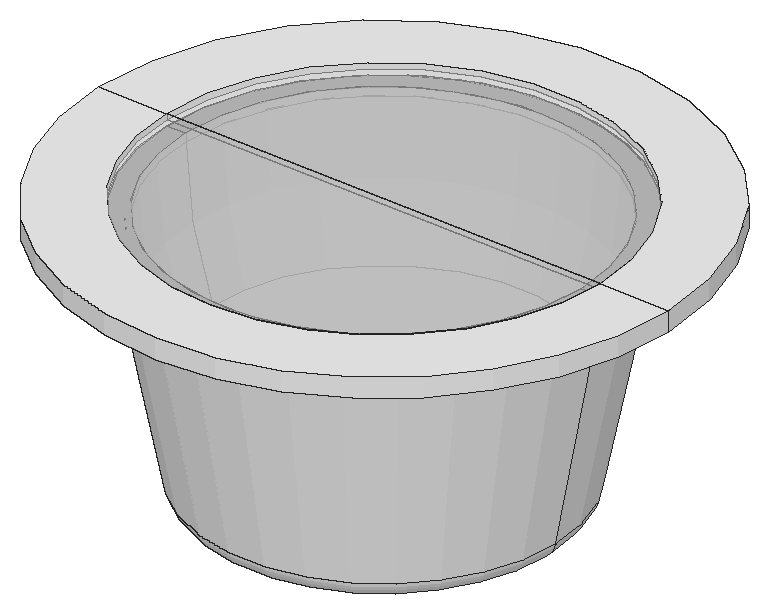
Revit family "2060573+2039013 Sylvania Lighting Fixture ASCENT 100 II ARCH 3600 3K DALI EMG 160 with IP54 PC Cover", category Lighting Fixtures, host Face, Revit 2016
Family settings
  Host = Face
  Part Type = Normal
  Round Connector Dimension = Use Diameter
  OmniClass Number = 23.80.70.11.17
  OmniClass Title = Specialized Lighting by Location or Use
  Cut with Voids When Loaded = No
  Light Source = Yes
  Shared = No
  Room Calculation Point = No
Parameters (values of type "2060573+2039013 ASCT100 II ARCH 3600 3K DALI EMG 160 with IP54 PC Cover")
  WidthBezelAcc_SYL = 25.0 mm
  Weight = "1.92 kg"
  Wattage = 32 W
  WarrantyStartDate [instance] = "n/a"
  WarrantyGuarantorParts = "n/a"
  WarrantyDurationUnit = "n/a"
  WarrantyDurationParts = "n/a"
  WarrantyDescription = "n/a"
  built-in parameter 1150110 = 1 (stored number, unit not read)
  Voltage = 0 V
  VisibilityAccessory_SYL = yes
  TypeName = "ASCENT 100 II ARCH 3600 3K DALI EMG 160 with IP54 PC Cover"
  built-in parameter 1114217 = 1 (stored number, unit not read)
  Tilt Angle = -90°
  built-in parameter 1150109 = 1 (stored number, unit not read)
  built-in parameter 1150134 = (empty or 0)
  built-in parameter 1150113 = 1 (stored number, unit not read)
  SerialNumber [instance] = "n/a"
  ReflectorRadius_SYL = Radius_SYL - 14.5 mm  # 80.0 mm
  RadiusAcc_SYL = 105.0 mm
  Radius_SYL = 94.5 mm
  URL = "http://www.sylvania-lighting.com"
  PowerFactor = 0
  PowerConsumption = "32 W"
  Photometric Web File = "2060573.ies"
  NominalWidth = 0.0 mm
  NominalLength = 0.0 mm
  NominalHeight = 94.0 mm
  Name = "ASCENT 100 II ARCH 3600 3K DALI EMG 160 with IP54 PC Cover"
  ModelReference = "ASCENT 100 II ARCH 3600 3K DALI EMG 160 with IP54 PC Cover"
  ModelNumber = "2060573+2039013"
  Material_4_SYL = none
  Material_3_SYL = Polycarbonate_Sylvania_Ascent_Clear
  Material_2_SYL = Aluminium_Sylvania_Ascent_Silver
  Material_1_SYL = Aluminum_Sylvania_Ascent_White
  Material = "aluminium housing, arcylic diffuser"
  ManufacturerName = "Feilo Sylvania"
  LuminousEfficacy = "111 lm/W"
  built-in parameter 1150105 = 282.66 (stored number, unit not read)
  Lumens = 3552 lm
  LuminaireType = ""
  built-in parameter 1150115 = 1 (stored number, unit not read)
  LightOutputRatio = "100"
  built-in parameter 1150137 = (empty or 0)
  built-in parameter 1150139 = (empty or 0)
  LampsType = Lamp  # "LED"
  LampNominalLuminous = "3548 lm"
  LampMacAdamStep = "3"
  LampColourTemperature = "3000 K"
  LampColourRenderingIndex = "80"
  built-in parameter 1150112 = 1 (stored number, unit not read)
  built-in parameter 1150114 = 1 (stored number, unit not read)
  Keynote = "16500"
  InstallationDate [instance] = "n/a"
  InputVoltage = "n/a"
  InputNominalFrequency = "n/a"
  built-in parameter 1150132 = (empty or 0)
  built-in parameter 1150102 = (empty or 0)
  built-in parameter 1150107 = 3000 (stored number, unit not read)
  built-in parameter 1150138 = (empty or 0)
  IngressProtection = "IP54"
  ImpactProtectionIndex = "IK02"
  built-in parameter 1150106 = 2.8266 (stored number, unit not read)
  IfcExportType = "IfcLightFixtureType"
  IfcExportAs = "IfcLightFixtureType"
  Height_SYL = 94.0 mm
  HeightAcc_SYL = 7.0 mm
  ExpectedLife = 50000
  EmittionSurface_SYL = if(VisibilityAccessory_SYL, 7.0 mm, 3.0 mm)  # 7.0 mm
  Emit from Circle Diameter = DiffuserRadius_SYL * 2  # 146.0 mm
  Emit Shape Visible in Rendering = no
  ElectricShockClassification = "Class II"
  built-in parameter 1150104 = 10.312 (stored number, unit not read)
  DurationUnit = "hours"
  DocumentationLiterature = "http://www.sylvania-lighting.com/product/en-int/products/2060573"
  DimmingControlOptions = "n/a"
  Dimming Lamp Color Temperature Shift = <None>
  DiffuserRadius_SYL = ReflectorRadius_SYL - 7.0 mm  # 73.0 mm
  Diameter_SYL = 2 * Radius_SYL  # 189.0 mm
  CutoutDiameter_SYL = Diameter_SYL - 13.0 mm  # 176.0 mm
  CreatedOn = "9/17/2018"
  CreatedBy = "@sylvania-lighting.com"
  Color Filter = 16777215
  built-in parameter 1114216 [instance] = 1 (stored number, unit not read)
  Model = "ASCENT 100 II ARCH 3600 3K DALI EMG 160 with IP54 PC Cover"
  Manufacturer = "Feilo Sylvania"
  Lamp = "LED"
  Description = "Direct LED retro fit for original LED 100 Arch (160) single CFL lamp offering Matching lumen levels and improved light distribution of original LED 100 CFL lamp equivalents Typically half the power consumption compared to CFL Up to 112lm/W 160mm aperture Architectural reflector accepts range of glass accessories from existing LED 100 Arch 160 offering HE, HO and VHO versions equivalent of single 1 x 18W, 1 x 32W, 1 x 42W\r\n Additional VVHO versions which offer the performance circa 2 x 32W equivalent"  # constant formula
  Default Elevation = 0.0 mm
  built-in parameter 1140040 [instance] = 1
  BarCode [instance] = "n/a"
  built-in parameter 1114218 = 1 (stored number, unit not read)
  built-in parameter 1150133 = 10 (stored number, unit not read)
  AssetType = "Fixed"
  AssetIdentifier [instance] = "n/a"
  Assembly Code = "D5020200"
  Apparent Load = 32 VA
  Aperture_SYL = 2 * ReflectorRadius_SYL  # 160.0 mm
Types (2, lengths in mm): name | Wattage | TypeName | Photometric Web File | Name | ModelReference | built-in parameter 1150105 | Lumens | built-in parameter 1150106 | Model | Apparent Load
  2060573+2039013 ASCT100 II ARCH 3600 3K DALI EMG 160 with IP54 PC Cover | 32 W | "ASCENT 100 II ARCH 3600 3K DALI EMG 160 with IP54 PC Cover" | "2060573.ies" | "ASCENT 100 II ARCH 3600 3K DALI EMG 160 with IP54 PC Cover" | "ASCENT 100 II ARCH 3600 3K DALI EMG 160 with IP54 PC Cover" | 282.66 (stored number, unit not read) | 3552 lm | 2.8266 (stored number, unit not read) | "ASCENT 100 II ARCH 3600 3K DALI EMG 160 with IP54 PC Cover" | 32 VA
  2060573+2039013 ASCT100 II ARCH 3600 3K DALI EMG 160 with IP54 PC Cover Emergency mode | 1.61261 W | "ASCT100 II ARCH 3600 3K DALI EMG 160 with IP54 PC Cover Emergency mode" | "2060573EM.ies" | "ASCT100 II ARCH 3600 3K DALI EMG 160 with IP54 PC Cover Emergency mode" | "ASCT100 II ARCH 3600 3K DALI EMG 160 with IP54 PC Cover Emergency mode" | 14.244 (stored number, unit not read) | 179 lm | 0.14244 (stored number, unit not read) | "ASCT100 II ARCH 3600 3K DALI EMG 160 with IP54 PC Cover Emergency mode" | 1.61261 VA
Reference planes
  plane 1 "Center (Front/Back)": y = 0
  plane 2: z = 0
  plane 3 "Center (Left/Right)": x = 0
  plane 4 "Fixture Bottom": z = 3
  plane 5: z = -52.5
  plane 6 "Fixture Top": z = -91
  plane 7: x = -105
  plane 8: z = 7
  plane 9: x = -80
  plane 10: z = 5
  plane 11: x = -103
Forms (mm)
  Extrusion 1, solid, material "Aluminum_Sylvania_Ascent_White", detail levels fine
    sketch origin (0, 0, 0) x (1, 0, 0) y (0, 1, 0)
      loop
        circle (0, 0) r 94.5
      loop
        circle (0, 0) r 80
    from 0 to 3
  Extrusion 2, void
    sketch origin (0, 0, 0) x (1, 0, 0) y (0, 1, 0)
      loop
        circle (0, 0) r 88
    from -91 to 3
  Revolve 3, solid, material "Aluminum_Sylvania_Ascent_White" <- "Material_1_SYL", detail levels fine
    sketch origin (0, 0, 0) x (1, 0, 0) y (0, 0, 1)
      loop
        line (0, -91.073) -> (0, -89.023) -> (-55.468, -89.014)
        arc (-55.468, -89.014) -> (-59.352, -87.613) -> (-61.54, -84.139) r 6.307
        line (-61.54, -84.139) -> (-77.991, -2.844) -> (-77.991, 0) -> (-80, 0) -> (-80, -3) -> (-63.5, -84.536)
        arc (-63.5, -84.536) -> (-60.643, -89.203) -> (-55.5, -91.073) r 8.291
        line (-55.5, -91.073) -> (0, -91.073)
      axis (0, 0) -> (0, -91.073)
    angle from 0 to 360
  Revolve 4, solid, material "Aluminium_Sylvania_Ascent_Silver" <- "Material_2_SYL", detail levels fine
    sketch origin (0, 0, 0) x (1, 0, 0) y (0, 0, 1)
      loop
        line (-80, 3) -> (-80, 0) -> (-75, 0)
        arc (-75, 0) -> (-72.349, -26.77) -> (-64.5, -52.5) r 136.5
        line (-64.5, -52.5) -> (-58, -52.5)
        arc (-58, -52.5) -> (-56.857, -61.521) -> (-53.5, -69.971) r 36.166
        line (-53.5, -69.971) -> (0, -69.971) -> (0, -50.5) -> (-63.16, -50.5)
        arc (-63.16, -50.5) -> (-70.517, -25.725) -> (-73, 0) r 134.5
        line (-73, 0) -> (-73, 3) -> (-80, 3)
      axis (0, 3) -> (0, -69.971)
    angle from 0 to 360
  Extrusion 5, solid, material "Polycarbonate_Sylvania_Ascent_Clear" <- "Material_3_SYL", detail levels fine
    sketch origin (0, 0, 0) x (1, 0, 0) y (0, 1, 0)
      loop
        circle (0, 0) r 73
    from 0 to 3
  Revolve 6, solid, material "Aluminum_Sylvania_Ascent_White" <- "Material_1_SYL", detail levels coarse+medium
    sketch origin (0, 0, 0) x (1, 0, 0) y (0, 0, 1)
      loop
        line (0, -91.073) -> (0, 3) -> (-94.5, 3) -> (-94.5, 0) -> (-79.5, 0) -> (-79.5, -3) -> (-63, -84.536)
        arc (-63, -84.536) -> (-60.143, -89.203) -> (-55, -91.073) r 8.291
        line (-55, -91.073) -> (0, -91.073)
      axis (0, 3) -> (0, -91.073)
    angle from 0 to 360
  Revolve 7, solid, material "Aluminum_Sylvania_Ascent_White" <- "Material_1_SYL", visible <- "VisibilityAccessory_SYL"
    sketch origin (0, 0, 0) x (1, 0, 0) y (0, 0, 1)
      loop
        line (-105, 0) -> (-103, 0) -> (-103, 5) -> (-80, 5) -> (-80, 7) -> (-105, 7) -> (-105, 0)
      axis (0, 7) -> (0, 0)
    angle from 0 to 360
  Revolve 8, solid, material "Polycarbonate_Sylvania_Ascent_Clear" <- "Material_3_SYL", visible <- "VisibilityAccessory_SYL"
    sketch origin (0, 0, 0) x (1, 0, 0) y (0, 0, 1)
      loop
        line (-80, 7) -> (-80, 5) -> (0, 5) -> (0, 7) -> (-80, 7)
      axis (0, 7) -> (0, 5)
    angle from 0 to 360
Lines and regions (mm)
  reference lines
    curve 1: line (-150, 0, 7) -> (125, 0, 7)
Dimensions and locks
  locked: plane 4 "Fixture Bottom" to plane 2 at 3
  "Height_SYL": plane 4 "Fixture Bottom" to plane 6 "Fixture Top"
  "ReflectorRadius_SYL": plane 3 "Center (Left/Right)" to Revolve 4 sketch curve
  locked: Revolve 4 sketch curve to Revolve 4 sketch curve at 15.5
  locked: Revolve 4 sketch curve to Revolve 4 sketch curve at 5
  locked: Revolve 4 sketch curve to Revolve 4 sketch curve at 7
  locked: Revolve 4 sketch curve to Revolve 4 sketch curve at 22
  locked: Revolve 4 sketch curve to Revolve 4 sketch curve at 26.5
  locked: Revolve 3 sketch curve to Revolve 3 sketch curve at 16.5
  locked: Revolve 3 sketch curve to Revolve 3 sketch curve at 24.5
  "ReflectorRadius_SYL": Revolve 3 sketch curve to plane 3 "Center (Left/Right)"
  locked: Revolve 3 sketch curve to plane 6 "Fixture Top" at 6.464
  locked: plane 2 to Revolve 3 sketch curve at 3
  locked: Revolve 3 sketch curve to Revolve 3 sketch curve at 2
  locked: Revolve 3 sketch curve to Revolve 3 sketch curve at 2.009
  locked: plane 2 to plane 5 at 52.5
  locked: Revolve 6 sketch curve to Revolve 6 sketch curve at 31.5
  locked: Revolve 6 sketch curve to Revolve 6 sketch curve at 39.5
  locked: Revolve 6 sketch curve to Revolve 6 sketch curve at 15
  "Radius_SYL": plane 3 "Center (Left/Right)" to Revolve 6 sketch curve
  "RadiusAcc_SYL": plane 3 "Center (Left/Right)" to plane 7
  "HeightAcc_SYL": plane 8 to level
  "WidthBezelAcc_SYL": plane 7 to plane 9
  locked: plane 7 to plane 11 at 2
  locked: plane 8 to plane 10 at 2
  "EmittionSurface_SYL": curve 1 to level
  "CutoutDiameter_SYL": diameter of Extrusion 2 sketch curve
  "ReflectorRadius_SYL": radius of Extrusion 1 sketch curve
  "DiffuserRadius_SYL": radius of Extrusion 5 sketch curve
  "Radius_SYL": radius of Extrusion 1 sketch curve
  aligned and locked: host face to plane 2
  aligned and locked: host face to level
  aligned and locked: plane 4 "Fixture Bottom" to Extrusion 1
  aligned and locked: Extrusion 1 to plane 2
  aligned and locked: Revolve 3 sketch curve to plane 3 "Center (Left/Right)"
  aligned and locked: Revolve 4 sketch curve to plane 3 "Center (Left/Right)"  (x2)
  aligned and locked: plane 4 "Fixture Bottom" to Revolve 4 sketch curve
  aligned and locked: Extrusion 5 to plane 2
  aligned and locked: plane 2 to Revolve 3 sketch curve  (x2)
  aligned and locked: Revolve 6 sketch curve to plane 3 "Center (Left/Right)"
  aligned and locked: plane 6 "Fixture Top" to Extrusion 2
  aligned and locked: Revolve 7 sketch curve to plane 3 "Center (Left/Right)"
  aligned and locked: host face to Revolve 7 sketch curve  (x2)
  aligned and locked: Revolve 7 sketch curve to plane 7
  aligned and locked: plane 8 to Revolve 7 sketch curve
  aligned and locked: plane 9 to Revolve 7 sketch curve
  aligned and locked: Revolve 7 sketch curve to plane 10
  aligned and locked: plane 11 to Revolve 7 sketch curve
  aligned and locked: Revolve 7 to Revolve 8 sketch curve
  aligned and locked: Revolve 8 sketch curve to Revolve 7  (x2)
  aligned and locked: Revolve 8 sketch curve to plane 3 "Center (Left/Right)"  (x2)
  aligned and locked: plane 3 "Center (Left/Right)" to imposter light
  aligned and locked: imposter light to plane 1 "Center (Front/Back)"
  aligned and locked: imposter light to curve 1
Automatic sketch dimensions
  plane 1 "Center (Front/Back)" to Extrusion 2 sketch curve = 0.0 mm
  Extrusion 2 sketch curve to plane 3 "Center (Left/Right)" = 0.0 mm
  Extrusion 1 sketch curve to Extrusion 1 sketch curve = 0.0 mm  (x2)
  plane 1 "Center (Front/Back)" to Extrusion 1 sketch curve = 0.0 mm
  Extrusion 1 sketch curve to plane 3 "Center (Left/Right)" = 0.0 mm
  plane 6 "Fixture Top" to Revolve 3 sketch curve = 0.073 mm
  Revolve 3 sketch curve to plane 6 "Fixture Top" = 6.861 mm
  Revolve 3 sketch curve to Revolve 3 sketch curve = 0.003 mm
  Revolve 3 sketch curve to Revolve 3 sketch curve = 0.009 mm  (x2)
  Revolve 3 sketch curve to Revolve 3 sketch curve = 0.023 mm
  Revolve 3 sketch curve to Revolve 3 sketch curve = 0.072 mm
  Revolve 3 sketch curve to Revolve 3 sketch curve = 0.008 mm
  Revolve 3 sketch curve to plane 6 "Fixture Top" = 1.977 mm
  Revolve 3 sketch curve to Revolve 3 sketch curve = 33.496 mm
  Revolve 3 sketch curve to Revolve 3 sketch curve = 0.028 mm
  plane 4 "Fixture Bottom" to Revolve 3 sketch curve = 82.431 mm
  Revolve 4 sketch curve to Revolve 4 sketch curve = 0.0 mm  (x2)
  Revolve 4 sketch curve to plane 5 = 0.0 mm
  Revolve 4 sketch curve to level = 0.0 mm
  plane 5 to Revolve 4 sketch curve = 2.0 mm
  plane 4 "Fixture Bottom" to Revolve 4 sketch curve = 9.642 mm
  plane 1 "Center (Front/Back)" to Extrusion 5 sketch curve = 0.0 mm
  Extrusion 5 sketch curve to plane 3 "Center (Left/Right)" = 0.0 mm
  Revolve 4 sketch curve to level = 69.971 mm
  Revolve 4 sketch curve to Revolve 4 sketch curve = 2.387 mm
  Revolve 6 sketch curve to level = 0.0 mm
  Revolve 6 sketch curve to plane 3 "Center (Left/Right)" = 0.0 mm
  Revolve 6 sketch curve to Revolve 6 sketch curve = 8.104 mm
  Revolve 6 sketch curve to level = 3.0 mm
  Revolve 6 sketch curve to plane 6 "Fixture Top" = 6.464 mm
  plane 6 "Fixture Top" to Revolve 6 sketch curve = 0.073 mm
  Revolve 6 sketch curve to Revolve 6 sketch curve = 33.496 mm
  plane 4 "Fixture Bottom" to Revolve 6 sketch curve = 82.431 mm
  host sketch curve to host sketch curve = 1704.996 mm
  host sketch curve to host sketch curve = 1500.0 mm
  plane 6 "Fixture Top" to Revolve 7 sketch curve = 281.274 mm
  Revolve 7 sketch curve to plane 8 = 1140.706 mm
  plane 6 "Fixture Top" to Revolve 8 sketch curve = 281.274 mm
  Revolve 8 sketch curve to Revolve 8 sketch curve = 1140.706 mm
  Revolve 3 sketch curve to plane 3 "Center (Left/Right)" = 0.0 mm
  Revolve 6 sketch curve to plane 4 "Fixture Bottom" = 0.0 mm
  plane 7 to curve 1 = 45.0 mm
  plane 3 "Center (Left/Right)" to curve 1 = 125.0 mm
Connectors
  electrical at (0, 0, -91.073), driven by "Apparent Load"
    settings: on Revolve 3, index 1, voltage 240 V, apparent load 0 VA, apparent load phase1 32 VA, apparent load phase2 0 VA, apparent load phase3 0 VA, power factor 1, load classification "Lighting", number of poles 1, system type 31, power factor state 1, is connector primary yes, connector utility no, sub classification motor no, connector description ""
